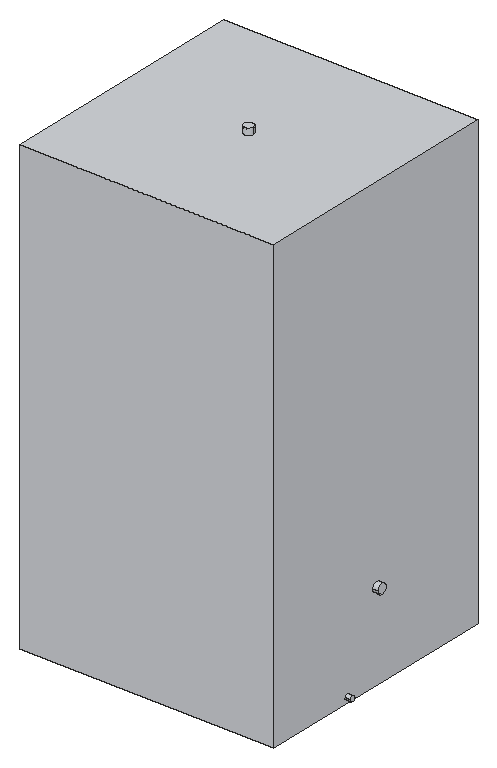
Revit family
Parameters (values of type "HV(Voltage)(kW)2500 3 Phase")
  Wattage = MAX KW * 1000 VA  # 900000 VA
  MAX KW = 900
  D_INLET HEIGHT = 29"
  Water Conn Radius = 1 1/2"
  VOLTAGE = 208 V
  Total Amps = MAX KW * 1000 V / 1.73 / VOLTAGE  # 2501.1116
  Top Clearance = 24"
  SES BIM Studio # = "201264902-49"
  URL = "http://www.lochinvar.com/_linefiles/CHP-10.pdf"
  Number of Poles = 3
  Model = "HV *(kW)-2500"
  Manufacturer = "Lochinvar"
  MODEL NO. = "HV (Voltage) (kW)-1000"
  INLET/OUTLET SIZE = Water Conn Radius * 2  # 3"
  GALLON CAPACITY = "2500"
  Cost = 0
  C_DEPTH = 82 1/2"
  CONTINUOUS DELIVERY (GPH) = "consult factory"
  B_WIDTH = 82 1/2"
  A_HEIGHT = 146 1/2"
  Description = ""
  Fuel Type = ""
  # OF ELEMENTS = "consult factory"
Types (5): name | D_INLET HEIGHT | Model | GALLON CAPACITY | C_DEPTH | B_WIDTH | A_HEIGHT
  (no name) | 29" | "HV *(kW)-2500" | "2500" | 82 1/2" | 82 1/2" | 146 1/2"
  HV(Voltage)(kW)1250 3 Phase | 23 1/4" | "HV *(kW)-1250" | "1250" | 64 1/2" | 64 1/2" | 132 1/2"
  HV(Voltage)(kW)1500 3 Phase | 25 1/4" | "HV *(kW)-1500" | "1500" | 70 1/2" | 70 1/2" | 128 1/2"
  HV(Voltage)(kW)2000 3 Phase | 27 1/4" | "HV *(kW)-2000" | "2000" | 76 1/2" | 76 1/2" | 140 1/2"
  HV(Voltage)(kW)2500 3 Phase | 29" | "HV *(kW)-2500" | "2500" | 82 1/2" | 82 1/2" | 146 1/2"
Reference planes (in)
  plane 1 "Center of Tank": y = 6.125
  plane 2: z = 0
  plane 3 "Center (Left/Right)": x = -1.39218
  plane 4 "Top": z = 146.5
  plane 5 "Back": y = 47.375
  plane 6 "Inlet Height": z = 29
  plane 7 "Left": x = -42.64218
  plane 8 "Right": x = 39.85782
  plane 9 "Front": y = -35.125
  plane 10: y = -5.875
  plane 11: z = 144
  plane 12: x = -19.39218
  plane 13: x = 16.60782
Forms (in)
  Extrusion 1, solid
    sketch origin (0, 0, 0) x (1, 0, 0) y (0, 1, 0)
      loop
        line (-42.64218, 47.375) -> (-42.64218, -35.125) -> (39.85782, -35.125) -> (39.85782, 47.375) -> (-42.64218, 47.375)
    from 0 to 146.5
  Extrusion 2, solid
    sketch origin (39.85782, 0, 0) x (0, 1, 0) y (0, 0, 1)
      loop
        circle (6.125, 29) r 1.5
    from 0 to 2
  Extrusion 3, solid
    sketch origin (39.85782, -12, -21) x (0, 1, 0) y (0, 0, 1)
      loop
        circle (6.125, 23.25) r 0.75
    from 0 to 2
  Extrusion 4, solid
    sketch origin (0, 0, 146.5) x (-1, 0, 0) y (0, -1, 0)
      loop
        circle (1.39218, -6.125) r 1.5
    from 0 to 2
Lines and regions (in)
  model lines, style "MechanicalEquipment"
    curve 1: line (-19.39218, -35.125, 5) -> (-19.39218, -35.125, 144)
    curve 2: line (-19.39218, -35.125, 144) -> (16.60782, -35.125, 144)
    curve 3: line (16.60782, -35.125, 144) -> (16.60782, -35.125, 5)
    curve 4: line (16.60782, -35.125, 5) -> (-19.39218, -35.125, 5)
  model lines
    curve 5: line (-42.64218, -35.125, 4) -> (39.85782, -35.125, 4)
    curve 6: line (-16.39218, -35.125, 81.5) -> (-16.39218, -35.125, 84.5)
    curve 7: line (-16.39218, -35.125, 84.5) -> (-15.39218, -35.125, 84.5)
    curve 8: line (-15.39218, -35.125, 84.5) -> (-15.39218, -35.125, 78.5)
    curve 9: line (-15.39218, -35.125, 78.5) -> (-16.39218, -35.125, 78.5)
    curve 10: line (-16.39218, -35.125, 78.5) -> (-16.39218, -35.125, 81.5)
    curve 11: line (-7.39218, -35.125, 128) -> (4.60782, -35.125, 128)
    curve 12: line (4.60782, -35.125, 128) -> (4.60782, -35.125, 122)
    curve 13: line (4.60782, -35.125, 122) -> (-7.39218, -35.125, 122)
    curve 14: line (-7.39218, -35.125, 122) -> (-7.39218, -35.125, 128)
    curve 15: line (39.85782, -35.125, 5) -> (39.85782, 47.375, 5)
    curve 16: line (39.85782, 47.375, 4) -> (-42.64218, 47.375, 4)
    curve 17: line (-42.64218, 47.375, 5) -> (-42.64218, -35.125, 5)
Dimensions and locks (in)
  "A_HEIGHT": plane 4 "Top" to level
  equal spacing: plane 7 "Left", plane 3 "Center (Left/Right)", plane 8 "Right"
  "B_WIDTH": plane 7 "Left" to plane 8 "Right"
  equal spacing: plane 9 "Front", plane 1 "Center of Tank", plane 5 "Back"
  "C_DEPTH": plane 9 "Front" to plane 5 "Back"
  "D_INLET HEIGHT": plane 6 "Inlet Height" to level
  locked: plane 4 "Top" to plane 11 at 2.5
  equal spacing: plane 13, plane 3 "Center (Left/Right)", plane 12
  plane 13 to plane 12 = 36"
  "Water Conn Radius": radius of Extrusion 2 sketch curve
  radius of Extrusion 3 sketch curve = 3/4"
  "Water Conn Radius": radius of Extrusion 4 sketch curve
  aligned and locked: Extrusion 1 to plane 4 "Top"
  aligned and locked: curve 3 to plane 13
  aligned and locked: plane 12 to curve 1
Automatic sketch dimensions
  plane 5 "Back" to Extrusion 1 sketch curve = 0"
  Extrusion 1 sketch curve to plane 7 "Left" = 0"
  Extrusion 1 sketch curve to plane 8 "Right" = 0"
  plane 9 "Front" to Extrusion 1 sketch curve = 0"
  Extrusion 2 sketch curve to plane 1 "Center of Tank" = 0"
  Extrusion 2 sketch curve to plane 6 "Inlet Height" = 0"
  Extrusion 3 sketch curve to plane 10 = 0"
  level to Extrusion 3 sketch curve = 2 1/4"
  plane 1 "Center of Tank" to Extrusion 4 sketch curve = 0"
  Extrusion 4 sketch curve to plane 3 "Center (Left/Right)" = 0"
  curve 5 to plane 7 "Left" = 0"
  curve 1 to plane 11 = 0"
  curve 5 to plane 8 "Right" = 0"
  plane 12 to curve 7 = 3"
  curve 9 to curve 9 = 1"
  curve 14 to plane 3 "Center (Left/Right)" = 6"
  plane 3 "Center (Left/Right)" to curve 12 = 6"
  curve 12 to plane 11 = 16"
  curve 12 to curve 11 = 6"
  curve 7 to curve 13 = 37 1/2"
  curve 6 to curve 6 = 3"
  curve 8 to curve 6 = 3"
  level to curve 3 = 5"
  level to curve 5 = 4"
  curve 15 to plane 9 "Front" = 0"
  curve 15 to plane 5 "Back" = 0"
  level to curve 15 = 5"
  curve 16 to plane 7 "Left" = 0"
  curve 16 to plane 8 "Right" = 0"
  level to curve 16 = 4"
  curve 17 to plane 9 "Front" = 0"
  curve 17 to plane 5 "Back" = 0"
  level to curve 17 = 5"
Connectors (in)
  piping at (41.85782, 6.125, 29), driven by "Water Conn Radius"
    settings: on Extrusion 2, index 1, connector radius 1 1/2", flow factor 0, pipe flow 0 GPM, pressure drop 0.00 psi, fitting loss kfactor 0, connector angle 0.00°, fixture units 0, flow configuration 1, flow direction 1, fitting loss method 0, system type 20, connector reference index -1, connector utility 0, adjustable connector no, is connector primary yes, fitting loss table "", connector description "Water Inlet Conn"
  piping at (-1.39218, 6.125, 148.5), driven by "Water Conn Radius"
    settings: on Extrusion 4, index 2, connector radius 1 1/2", flow factor 0, pipe flow 0 GPM, pressure drop 0.00 psi, fitting loss kfactor 0, connector angle 0.00°, fixture units 0, flow configuration 1, flow direction 2, fitting loss method 0, system type 19, connector reference index -1, connector utility 0, adjustable connector no, is connector primary no, fitting loss table "", connector description "Water Outlet Conn"
  piping at (41.85782, -5.875, 2.25)
    settings: on Extrusion 3, index 3, connector radius 3/4", flow factor 0, pipe flow 0 GPM, pressure drop 0.00 psi, fitting loss kfactor 0, connector angle 0.00°, fixture units 0, flow configuration 1, flow direction 2, fitting loss method 0, system type 16, connector reference index -1, connector utility 0, adjustable connector no, is connector primary no, fitting loss table "", connector description "Drain Pan Conn"
